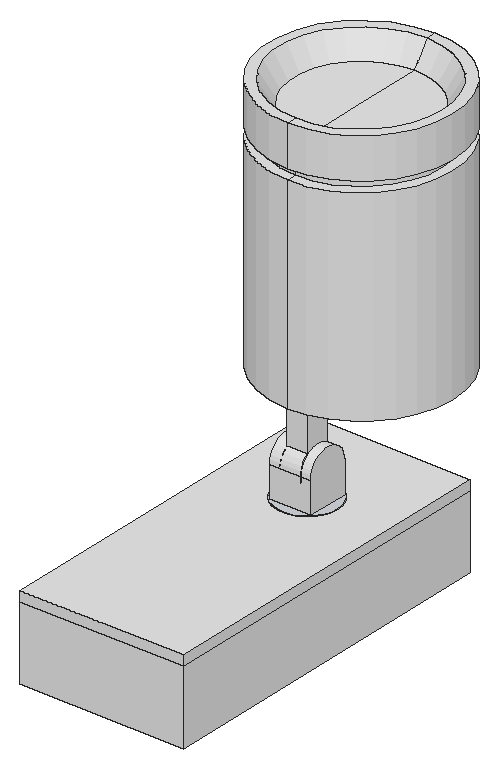
Revit family "63_PHILIPS_StyliD_Evo_Compact_Dali_ST770T_3D", category Lighting Fixtures, host Face, Revit 2016
Family settings
  Host = Face
  Part Type = Normal
  Round Connector Dimension = Use Diameter
  Cut with Voids When Loaded = No
  Light Source = No
  Shared = No
  Room Calculation Point = No
Parameters (values of type "Type catalog")
  Voltage (V) = ""
  Visibility 2D symbol [instance] = not(Visibility 2D outline)  # yes
  Visibility 2D outline [instance] = no
  Visibility 2D driver [instance] = no
  Rotation XZ = 0.00°
  Rotation XY = 90.00°
  Product catalog - URL = "PRODUCT URL"
  Order code = "ORDER CODE"
  Offset = 1 mm
  Length = 146 mm
  Last IES update = "DATE"
  Height = 275 mm
  Fixture code = "FIXTURE CODE"
  ETIM code URL = "https://prod.etim-international.com/Class/Details?classId=EC001744&classVersion=7"
  ETIM code = "EC001744"
  EOC = "EOC CODE"
  Diameter = 90 mm
  Content version = "1.0"
  Content modified date = "DATE"
  Content creation date = "28-03-2019"
  Constraint XZ = if(Rotation XZ < 0.00°, 0.00°, if(Rotation XZ > 355.00°, 355.00°, Rotation XZ))  # 0.00°
  Constraint XY = if(Rotation XY < 15.00°, 15.00°, if(Rotation XY > 140.00°, 140.00°, Rotation XY))  # 90.00°
  Connector width = 80 mm
  Wattage Comments = ""
  URL = "http://www.lighting.philips.com/home"
  Type Comments = "Track Mount"
  Model = "ST770T"
  Manufacturer = "Philips"
  Light loss factor = ""
  Lamp = ""
  Initial luminous flux (lm) = ""
  Init. Corr. Color Temperature (K) = ""
  Description = "StyliD Evo"
  Default Elevation = 0 mm
  Content Creator = "https://www.cadac.com/bimcontent"
  Connector height = 54 mm
  Conector length = 190 mm
  BIM Library - URL = "http://www.lighting.philips.com/main/support/support/revit-library#page=1"
  Assembly Code = ""
  Armatuurcode [instance] = ""
  Apparent Load = 0 VA
  12NC = "12NC CODE"
Reference planes
  plane 1 "Center (Front/Back)": y = 0
  plane 2: z = 0
  plane 3 "Center (Left/Right)": x = 0
  plane 4 "Cadac Group AEC": y = 15
  plane 5: z = 191
  plane 6: z = -53
  plane 7: z = 1
  plane 8: x = -40
  plane 9: y = -175
  plane 10: y = -49.5
  plane 11: x = 40
  plane 12: z = 125.635
  plane 13: z = 42
Lines and regions (mm)
  reference lines
    curve 1: line (0, -49.5, 42) -> (0, -230.226, 42)
Dimensions and locks
  "Connector height": plane 6 to plane 7
  equal spacing: plane 8, plane 3 "Center (Left/Right)", plane 11
  "Connector width": plane 8 to plane 11
  "Offset": plane 2 to plane 7
  "Conector length": plane 7 to plane 5
  plane 9 to plane 1 "Center (Front/Back)" = 175 mm
  locked: plane 10 to curve 1 at 0
  locked: plane 3 "Center (Left/Right)" to curve 1
  "Constraint XZ": angle curve 1 to plane 3 "Center (Left/Right)"
  aligned and locked: plane 2 to host face
  aligned and locked: level to host face
  aligned and locked: nested 1 to plane 1 "Center (Front/Back)"
Automatic sketch dimensions
  host sketch curve to host sketch curve = 727.065 mm
  host sketch curve to host sketch curve = 619.519 mm
Nested families
  nested 1: "63_PHILIPS_Trackmount_Compact_Dali" at (0, -80, 1), type "geometry"
  nested 2: "63_PHILIPS_Spot_StyliD_Compact_Dali" at (0, -49.5, 42) x (0, -1, 0) z (0, 0, -1), rotation angle ZX <- "Constraint XY", type "Spot"
    with rotation angle ZX 90.00°
  nested 3: "2D-PL-Rechthoekig" at (0, -80, 0) x (0, 1, 0) z (0, 0, 1), Width <- "Connector width", lengte <- "Conector length", visible <- "Visibility 2D outline", type "2D symbool"
    with lengte 190 mm, Width 80 mm
  nested 4: "2D-PL-Rond + symbool + peil" at (0, -16.5, 0) x (-1, 0, 0) z (0, 0, 1), Diameters <- "Diameter", Rotation XY <- "Constraint XZ", visible <- "Visibility 2D symbol", type "2D symbool"
    with radius 45 mm, Rotation XY 0.00°, Diameters 90 mm
  nested 5: "2D-PL-peil" at (0, -16.5, 0) x (0, 1, 0) z (0, 0, 1), type "2D symbool"
  nested 6: "2D-PL-Driver" at (0, -12.5, 0), visible <- "Visibility 2D driver", type "2D symbool"
Connectors
  electrical at (0, -87.5, 1), driven by "Apparent Load"
    settings: on nested 1, index 1, voltage 0 V, apparent load 0 VA, apparent load phase1 0 VA, apparent load phase2 0 VA, apparent load phase3 0 VA, power factor 1, load classification "Other", number of poles 1, system type 31, power factor state 1, is connector primary yes, connector utility no, sub classification motor no, connector description ""
Definition of nested family "63_PHILIPS_Trackmount_Compact_Dali"
  Parameters (values of type "geometry")
    width = 80 mm
    light source = 2 mm
    length = 190 mm
    height = 36 mm
    algemeen_leverancier = ""
    algemeen_code = ""
    algemeen_URL = ""
    Type Comments = ""
    Model = ""
    Manufacturer = "Philips"
    Diameter pole = 30 mm
    Lamp = ""
    Description = ""
  Reference planes
    plane 1 "Center (Front/Back)": y = 0
    plane 2: z = 41
    plane 3 "Center (Left/Right)": x = 0
    plane 4 "Blend 4": z = 0
    plane 5: x = -40
    plane 6: x = 40
    plane 7: y = 95
    plane 8: y = -95
    plane 9: z = 36
    plane 10: z = 10
    plane 11: x = -32.5
    plane 12: x = 32.5
  Forms (mm)
    Extrusion 1, solid
      sketch origin (0, 0, -197) x (0, 1, 0) y (-1, 0, 0)
        loop
          line (-95, 40) -> (-95, -40) -> (80, -40) -> (80, 40) -> (-95, 40)
      from 238 to 233
    Extrusion 2, solid
      sketch origin (0, 0, 36) x (0, 1, 0) y (-1, 0, 0)
        loop
          line (80, 40) -> (-95, 40) -> (-95, -40) -> (80, -40) -> (80, 40)
      from 0 to -36
    Extrusion 3, void
      sketch origin (0, 0, 0) x (1, 0, 0) y (0, 1, 0)
        loop
          circle (0, 30.5) r 15
      from 36 to 41
    Extrusion 4, solid
      sketch origin (0, 0, 0) x (1, 0, 0) y (0, 1, 0)
        loop
          line (-12.5, 85) -> (-12.5, 10)
          arc (-12.5, 10) -> (0, 0) -> (12.5, 10) r 12.813
          line (12.5, 10) -> (12.5, 85)
          arc (12.5, 85) -> (0, 95) -> (-12.5, 85) r 12.813
      from 0 to -30
    Extrusion 5, void
      sketch origin (0, 0, 0) x (0, 1, 0) y (0, 0, 1)
        loop
          line (0, -10) -> (0, -30) -> (95, -30) -> (95, -10) -> (0, -10)
      from 12.5 to 5
    Extrusion 6, void
      sketch origin (0, 0, -1.656) x (0, 1, 0) y (0, 0, -1)
        loop
          line (0, 8.344) -> (95, 8.344) -> (95, 28.344) -> (0, 28.344) -> (0, 8.344)
      from 12.5 to 5
  Cuts and joins
    Extrusion 3 cuts Extrusion 1
    Extrusion 3, Extrusion 5, Extrusion 6 cuts Extrusion 2
    Extrusion 5, Extrusion 6 cuts Extrusion 4
  Dimensions and locks
    "height": plane 9 to level
    equal spacing: plane 7, plane 1 "Center (Front/Back)", plane 8
    "length": plane 7 to plane 8
    equal spacing: plane 5, plane 3 "Center (Left/Right)", plane 6
    "width": plane 5 to plane 6
    locked: plane 2 to plane 9 at 5
    locked: plane 5 to plane 11 at 7.5
    locked: plane 12 to plane 6 at 7.5
    aligned and locked: plane 8 to Extrusion 1 sketch curve
    aligned and locked: plane 5 to Extrusion 1 sketch curve
    aligned and locked: Extrusion 1 sketch curve to plane 6
    aligned and locked: plane 9 to Extrusion 2
    aligned and locked: plane 9 to Extrusion 3
    aligned and locked: Extrusion 3 to plane 2
    aligned and locked: Extrusion 2 to level
    aligned and locked: plane 9 to cut or joined group of Extrusion 1, Extrusion 3
    aligned and locked: cut or joined group of Extrusion 1, Extrusion 3 to plane 2
  Automatic sketch dimensions
    plane 7 to Extrusion 1 sketch curve = 15 mm
    Extrusion 2 sketch curve to Extrusion 1 = 0 mm  (x4)
    Extrusion 3 sketch curve to plane 3 "Center (Left/Right)" = 0 mm
    Extrusion 3 sketch curve to plane 1 "Center (Front/Back)" = 30.5 mm
    Extrusion 4 sketch curve to plane 3 "Center (Left/Right)" = 0 mm  (x2)
    Extrusion 4 sketch curve to plane 3 "Center (Left/Right)" = 12.5 mm
    plane 7 to Extrusion 4 sketch curve = 10 mm
    plane 3 "Center (Left/Right)" to Extrusion 4 sketch curve = 12.5 mm
    plane 7 to Extrusion 4 sketch curve = 12.812 mm
    Extrusion 4 sketch curve to plane 1 "Center (Front/Back)" = 12.813 mm
    Extrusion 4 sketch curve to plane 1 "Center (Front/Back)" = 10 mm
    Extrusion 5 sketch curve to plane 1 "Center (Front/Back)" = 0 mm
    Extrusion 5 sketch curve to plane 7 = 0 mm
    Extrusion 5 sketch curve to level = 10 mm
    Extrusion 5 sketch curve to level = 30 mm
    Extrusion 6 sketch curve to plane 1 "Center (Front/Back)" = 0 mm
    Extrusion 6 sketch curve to plane 7 = 0 mm
    Extrusion 6 sketch curve to level = 10 mm
    Extrusion 6 sketch curve to level = 30 mm
    radius of Extrusion 3 sketch curve = 15 mm
Definition of nested family "63_PHILIPS_Spot_StyliD_Compact_Dali"
  Parameters (values of type "Spot")
    spot offset = 30 mm
    rotation angle ZX [instance] = 90.00°
    height spot top = 55 mm
    height spot middle = 10 mm
    height spot = 125 mm
    Radius = 45 mm
    ceiling thickness = 12.5 mm
    Wattage Comments = ""
    URL = "http://www.ecat.lighting.philips.com/l"
    Type Comments = "surface mounted"
    Model = "XXX RS530B"
    Manufacturer = "Philips"
    Description = "XXX LuxSpace"
    Default Elevation = 2800 mm
    Assembly Code = ""
  Reference planes
    plane 1 "Center (Front/Back)": y = 0
    plane 2: z = 0
    plane 3 "Center (Left/Right)": x = 0
    plane 4 "Cadac Group AEC": y = 0
    plane 5: z = 12.5
    plane 6: z = 12.5
    plane 7: z = -14
    plane 8: z = -50
  Forms (mm)
    Extrusion 1, solid
      sketch origin (0, 0, 0) x (1, 0, 0) y (0, 1, 0)
        loop
          line (-350, 290) -> (-350, -329.519) -> (377.065, -329.519) -> (377.065, 290) -> (-350, 290)
      from 0 to 12.5 <- "ceiling thickness"
    Revolve 2, solid
      sketch origin (0, 0, -14) x (0, 0, -1) y (1, 0, 0)
        loop
          line (30, -33) -> (143.915, -33) -> (143.915, 0) -> (155, 7) -> (155, 12) -> (135, 12) -> (135, 7) -> (130, 7) -> (130, 12) -> (30, 12) -> (30, -33)
        axis (30, -33) -> (155, -33)
      angle from 0 to 360
    Extrusion 3, solid
      sketch origin (0, 0, -55) x (0, 0, -1) y (1, 0, 0)
        loop
          line (-11, -6) -> (-11, 6) -> (-31.642, 6)
          arc (-31.642, 6) -> (-50.288, 0) -> (-31.642, -6) r 10.288
          line (-31.642, -6) -> (-11, -6)
      from -5 to 5
    Extrusion 4, solid
      sketch origin (0, 0, -11) x (-1, 0, 0) y (0, 0, -1)
        loop
          line (-10.381, -11) -> (10.381, -11) -> (10.381, 4)
          arc (10.381, 4) -> (0, 14.381) -> (-10.381, 4) r 10.381
          line (-10.381, 4) -> (-10.381, -11)
      from 10 to -10
    Extrusion 5, solid
      sketch origin (0, 0, 0) x (1, 0, 0) y (0, 1, 0)
        loop
          circle (0, 0) r 15
      from 0 to 5
  Lines and regions (mm)
    reference lines
      curve 1: line (0, 0, -14) -> (0, 0, -144)
      curve 2: line (0, 0, -14) -> (-108, 0, -14)
      curve 3: line (12, 0, -169) -> (-108, 0, -169)
      curve 4: line (-108, 0, -169) -> (-108, 0, -14)
      curve 5: line (12, 0, -44) -> (-108, 0, -44)
      curve 6: line (12, 0, -14) -> (12, 0, -169)
      curve 7: line (-48, 0, -169) -> (-48, 0, -14)
  Dimensions and locks
    "spot offset": curve 2 to curve 5
    curve 1 to curve 6 = 12 mm
    plane 8 to Extrusion 1 = 50 mm
    curve 3 to Revolve 2 sketch curve = 11.085 mm
    Revolve 2 sketch curve to curve 6 = 5 mm
    Revolve 2 sketch curve to Revolve 2 sketch curve = 20 mm
    Revolve 2 sketch curve to Revolve 2 sketch curve = 12 mm
    Revolve 2 sketch curve to Revolve 2 sketch curve = 5 mm
    "height spot": Revolve 2 sketch curve to Revolve 2 sketch curve
    "height spot": curve 3 to curve 5
    "Radius": Revolve 2 sketch curve to Revolve 2 sketch curve
    "rotation angle ZX": angle curve 1 to plane 7
    aligned and locked: plane 2 to Extrusion 1
    aligned and locked: level to Extrusion 1
    aligned and locked: plane 4 "Cadac Group AEC" to plane 1 "Center (Front/Back)"
    aligned and locked: plane 3 "Center (Left/Right)" to curve 1
    aligned and locked: Revolve 2 sketch curve to Revolve 2 sketch curve
    aligned and locked: Revolve 2 sketch curve to curve 3
    aligned and locked: Revolve 2 sketch curve to curve 6  (x2)
  Automatic sketch dimensions
    Extrusion 1 sketch curve to Extrusion 1 sketch curve = 727.065 mm
    Extrusion 1 sketch curve to Extrusion 1 sketch curve = 619.519 mm
    Extrusion 4 sketch curve to level = 0 mm
    plane 7 to Extrusion 4 sketch curve = 1 mm
    Extrusion 4 sketch curve to plane 3 "Center (Left/Right)" = 0 mm
    plane 3 "Center (Left/Right)" to Extrusion 4 sketch curve = 10.381 mm
    plane 1 "Center (Front/Back)" to Extrusion 5 sketch curve = 0 mm
    Extrusion 5 sketch curve to plane 3 "Center (Left/Right)" = 0 mm
    curve 1 to Extrusion 3 sketch curve = 0 mm
    curve 1 to Extrusion 3 sketch curve = 9.358 mm  (x2)
    curve 1 to Extrusion 3 sketch curve = 6 mm
    curve 1 to Extrusion 3 sketch curve = 1 mm
    Extrusion 3 sketch curve to Extrusion 3 sketch curve = 20.642 mm
    curve 1 to plane 7 = 0 mm
    curve 2 to curve 1 = 0 mm  (x2)
    curve 6 to curve 1 = 0 mm
    curve 2 to curve 1 = 108 mm
    curve 7 to curve 1 = 48 mm
    Revolve 2 sketch curve to curve 1 = 0 mm
    Revolve 2 sketch curve to Revolve 2 sketch curve = 5 mm
    Revolve 2 sketch curve to Revolve 2 sketch curve = 12.347 mm
    radius of Extrusion 5 sketch curve = 15 mm
  Connectors
    electrical at (0, 0, 0)
      settings: index 1, voltage 230 V, apparent load 0 VA, apparent load phase1 18 VA, apparent load phase2 0 VA, apparent load phase3 0 VA, power factor 1, load classification none, number of poles 1, system type 31, power factor state 1, is connector primary yes, connector utility no, sub classification motor no, connector description ""
Definition of nested family "2D-PL-Rechthoekig"
  Parameters (values of type "2D symbool")
    lengte [instance] = 1200 mm
    Width [instance] = 100 mm
    Type Comments = "GEEN CALCULATIEOBJECT"
    Manufacturer = ""
    Description = "Armatuur 2D symbool"
    Copyright © Cadac = "www.cadac.com/aec"
    Cadac content versie = ""
    Assembly Code = ""
  Reference planes
    plane 1 "Center (Front/Back)": y = 0
    plane 2: z = 0
    plane 3 "Center (Left/Right)": x = 0
    plane 4: y = 150
    plane 5: y = -150
    plane 6: y = 176.777
    plane 7: x = -176.777
    plane 8: x = 176.777
    plane 9: y = -176.777
    plane 10 "Cadac Group AEC": y = 0
    plane 11: y = 400
    plane 12: y = -191.421
    plane 13: y = -206.066
    plane 14: y = -220.711
    plane 15: y = -235.355
  Lines and regions (mm)
    symbolic lines
      curve 1: line (600, 50, 0) -> (600, -50, 0)
      curve 2: line (-600, 50, 0) -> (-600, -50, 0)
      curve 3: line (-600, 50, 0) -> (600, 50, 0)
      curve 4: line (-600, -50, 0) -> (600, -50, 0)
  Dimensions and locks
    equal spacing: curve 2, plane 3 "Center (Left/Right)", curve 1
    "lengte": curve 2 to curve 1
    equal spacing: plane 5, plane 1 "Center (Front/Back)", plane 4
    locked: plane 4 to plane 5 at 300
    equal spacing: curve 4, plane 1 "Center (Front/Back)", curve 3
    "Width": curve 4 to curve 3
    locked: plane 7 to plane 8 at 353.553
    locked: plane 6 to plane 9 at 353.553
    equal spacing: plane 7, plane 3 "Center (Left/Right)", plane 8
    equal spacing: plane 6, plane 1 "Center (Front/Back)", plane 9
    locked: plane 1 "Center (Front/Back)" to plane 11 at 400
    equal spacing: plane 9, plane 12, plane 13, plane 14, plane 15
    locked: plane 9 to plane 15 at 58.579
    aligned and locked: plane 10 "Cadac Group AEC" to plane 1 "Center (Front/Back)"
Definition of nested family "2D-PL-Rond + symbool + peil"
  Parameters (values of type "2D symbool")
    radius [instance] = Diameters / 2  # 125 mm
    Visibility 2D symbol = yes
    Rotation XY [instance] = 70.00°
    Diameters [instance] = 250 mm
    Description = "Armatuur symbool"
    Copyright © Cadac = "www.cadac.com/aec"
    Cadac content versie = ""
    Assembly Code = ""
  Reference planes
    plane 1 "Center (Front/Back)": y = 0
    plane 2: z = 0
    plane 3 "Center (Left/Right)": x = 0
  Lines and regions (mm)
    symbolic lines
      curve 1: circle (0, 0, 0) r 125 normal (0, 0, 1)
    reference lines
      curve 2: line (0, 0, 0) -> (314.797, 114.577, 0)
  Dimensions and locks
    locked: plane 3 "Center (Left/Right)" to nested 2 at 0
    "Diameters": diameter of curve 1
    "Rotation XY": angle curve 2 to plane 3 "Center (Left/Right)"
    aligned and locked: plane 3 "Center (Left/Right)" to curve 2
    aligned and locked: plane 1 "Center (Front/Back)" to curve 2
    aligned and locked: nested 2 to curve 2
  Automatic sketch dimensions
    plane 1 "Center (Front/Back)" to curve 1 = 0 mm
    curve 1 to plane 3 "Center (Left/Right)" = 0 mm
  Nested families
    nested 1: "PL-opbouwarmatuur plafond rond" at (0, 0, 0), radius cirkel <- "radius", visible <- "Visibility 2D symbol", type "PL lichtpunt"
      with radius cirkel 125 mm, lengte symbool 162.5 mm, l1 140 mm, breedte symbool 150 mm, b1 52.5 mm, Diameters 250 mm
    nested 2: "2D-PL-peil" at (0, 0, 0) x (-0.9397, -0.342, 0) z (0, 0, 1), visible <- "Visibility 2D symbol", type "2D symbool"
  Definition of nested family "PL-opbouwarmatuur plafond rond"
    Parameters (values of type "PL lichtpunt")
      radius cirkel [instance] = 200 mm
      lengte symbool [instance] = 162.5 mm
      l1 [instance] = 140 mm
      breedte symbool [instance] = radius cirkel + 25 mm  # 225 mm
      b1 [instance] = 52.5 mm
      Diameters = 74 mm
      Description = "PL lichtpunt"
      Copyright © Cadac = "www.cadac.com/aec"
      Cadac content versie = "4.0"  # constant formula
      Assembly Code = ""
    Reference planes
      plane 1 "Center (Front/Back)": y = 0
      plane 2: z = 0
      plane 3 "Center (Left/Right)": x = 0
      plane 4: y = 112.5
      plane 5: y = -112.5
    Lines and regions (mm)
      symbolic lines
        curve 1: circle (0, 0, 0) r 200 normal (0, 0, 1)
        curve 2: line (-165.359, 112.5, 0) -> (165.359, -112.5, 0)
        curve 3: line (-165.359, -112.5, 0) -> (165.359, 112.5, 0)
    Dimensions and locks
      equal spacing: plane 4, plane 1 "Center (Front/Back)", plane 5
      "breedte symbool": plane 4 to plane 5
      "radius cirkel": radius of curve 1
      aligned and locked: plane 4 to curve 2
      aligned and locked: plane 4 to curve 3
      aligned and locked: plane 5 to curve 3
      aligned and locked: plane 5 to curve 2
    Automatic sketch dimensions
      plane 1 "Center (Front/Back)" to curve 1 = 0 mm
      curve 1 to plane 3 "Center (Left/Right)" = 0 mm
  Definition of nested family "2D-PL-peil"
    Parameters (values of type "2D symbool")
      lengte = 200 mm
      Type Comments = "GEEN CALCULATIEOBJECT"
      Peil lengte = 100 mm
      Manufacturer = ""
      Description = "Armatuur 2D symbool"
      Default Elevation = 1219.2 mm
      Copyright © Cadac = "www.cadac.com/aec"
      Cadac content versie = ""
      Assembly Code = ""
    Reference planes
      plane 1 "Center (Front/Back)": y = 0
      plane 2: z = 0
      plane 3 "Center (Left/Right)": x = 0
      plane 4: y = 150
      plane 5: y = -150
      plane 6: y = 176.777
      plane 7: x = -176.777
      plane 8: x = 176.777
      plane 9: y = -176.777
      plane 10: y = 400
      plane 11: y = -191.421
      plane 12: y = -206.066
      plane 13: y = -220.711
      plane 14: y = -235.355
    Lines and regions (mm)
      symbolic lines
        curve 1: line (-200, 0, 0) -> (0, 0, 0)
        curve 2: line (-200, 0, 0) -> (-121.849, 62.389, 0)
        curve 3: line (-200, 0, 0) -> (-121.849, -62.389, 0)
      reference lines
        curve 4: line (100, -50, 0) -> (-245, -50, 0)
    Dimensions and locks
      equal spacing: plane 5, plane 1 "Center (Front/Back)", plane 4
      locked: plane 4 to plane 5 at 300
      locked: plane 7 to plane 8 at 353.553
      locked: plane 6 to plane 9 at 353.553
      equal spacing: plane 7, plane 3 "Center (Left/Right)", plane 8
      equal spacing: plane 6, plane 1 "Center (Front/Back)", plane 9
      locked: plane 1 "Center (Front/Back)" to plane 10 at 400
      equal spacing: plane 9, plane 11, plane 12, plane 13, plane 14
      locked: plane 9 to plane 14 at 58.579
      "lengte": curve 1 to curve 1
      "Peil lengte": curve 2 to curve 2
      "Peil lengte": curve 3 to curve 3
    Automatic sketch dimensions
      curve 4 to plane 7 = 68.223 mm
      plane 1 "Center (Front/Back)" to curve 4 = 50 mm
      curve 4 to plane 8 = 76.777 mm
      plane 1 "Center (Front/Back)" to curve 3 = 0 mm
      curve 1 to plane 3 "Center (Left/Right)" = 0 mm
      plane 7 to curve 2 = 54.928 mm
      plane 7 to curve 3 = 54.928 mm
Definition of nested family "2D-PL-peil"
  Parameters (values of type "2D symbool")
    lengte = 200 mm
    Type Comments = "GEEN CALCULATIEOBJECT"
    Peil lengte = 100 mm
    Manufacturer = ""
    Description = "Armatuur 2D symbool"
    Default Elevation = 1219.2 mm
    Copyright © Cadac = "www.cadac.com/aec"
    Cadac content versie = ""
    Assembly Code = ""
  Reference planes
    plane 1 "Center (Front/Back)": y = 0
    plane 2: z = 0
    plane 3 "Center (Left/Right)": x = 0
    plane 4: y = 150
    plane 5: y = -150
    plane 6: y = 176.777
    plane 7: x = -176.777
    plane 8: x = 176.777
    plane 9: y = -176.777
    plane 10: y = 400
    plane 11: y = -191.421
    plane 12: y = -206.066
    plane 13: y = -220.711
    plane 14: y = -235.355
  Lines and regions (mm)
    symbolic lines
      curve 1: line (-200, 0, 0) -> (0, 0, 0)
      curve 2: line (-200, 0, 0) -> (-121.849, 62.389, 0)
      curve 3: line (-200, 0, 0) -> (-121.849, -62.389, 0)
    reference lines
      curve 4: line (100, -50, 0) -> (-245, -50, 0)
  Dimensions and locks
    equal spacing: plane 5, plane 1 "Center (Front/Back)", plane 4
    locked: plane 4 to plane 5 at 300
    locked: plane 7 to plane 8 at 353.553
    locked: plane 6 to plane 9 at 353.553
    equal spacing: plane 7, plane 3 "Center (Left/Right)", plane 8
    equal spacing: plane 6, plane 1 "Center (Front/Back)", plane 9
    locked: plane 1 "Center (Front/Back)" to plane 10 at 400
    equal spacing: plane 9, plane 11, plane 12, plane 13, plane 14
    locked: plane 9 to plane 14 at 58.579
    "lengte": curve 1 to curve 1
    "Peil lengte": curve 2 to curve 2
    "Peil lengte": curve 3 to curve 3
  Automatic sketch dimensions
    curve 4 to plane 7 = 68.223 mm
    plane 1 "Center (Front/Back)" to curve 4 = 50 mm
    curve 4 to plane 8 = 76.777 mm
    plane 1 "Center (Front/Back)" to curve 3 = 0 mm
    curve 1 to plane 3 "Center (Left/Right)" = 0 mm
    plane 7 to curve 2 = 54.928 mm
    plane 7 to curve 3 = 54.928 mm
Definition of nested family "2D-PL-Driver"
  Parameters (values of type "2D symbool")
    Description = "Armatuur symbool"
    Copyright © Cadac = "www.cadac.com/aec"
    Cadac content versie = ""
    Assembly Code = ""
  Reference planes
    plane 1 "Center (Front/Back)": y = 0
    plane 2: z = 0
    plane 3 "Center (Left/Right)": x = 0
  Lines and regions (mm)
    model lines
      curve 1: line (-12.5, -19.5, 0) -> (-12.5, 19.5, 0)
      curve 2: line (12.5, 19.5, 0) -> (12.5, -19.5, 0)
      curve 3: arc (-12.5, 19.5, 0) -> (0, 27.5, 0) -> (12.5, 19.5, 0) r 13.766
      curve 4: arc (-12.5, -19.5, 0) -> (0, -27.5, 0) -> (12.5, -19.5, 0) r 13.766
